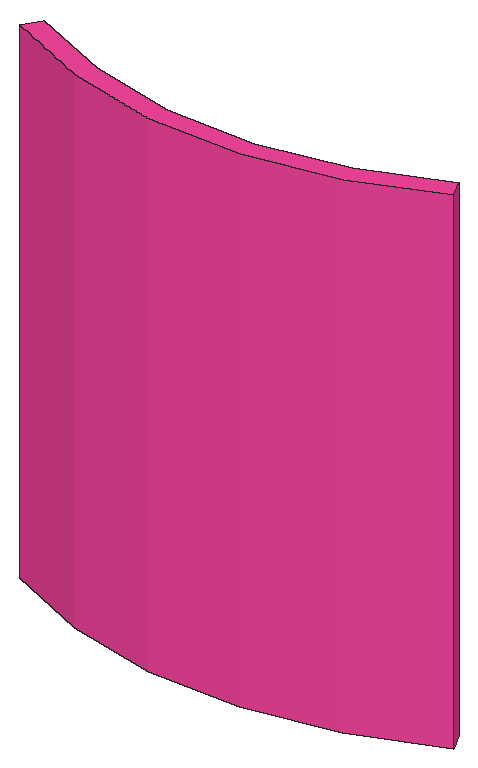
Revit family "EXP_WT-1C_CPan-006", category Curtain Panels, Revit 2021
Family settings
  OmniClass Number = 23.25.20.14.11.11.17
  OmniClass Title = Infill Panels
  Always vertical = Yes
  Cut with Voids When Loaded = Yes
  Shared = No
Parameters (values of type "R = 19'  0"")
  UI-UnitNumber [instance] = "001"
  UI-Quadrant [instance] = "SE"
  UI-ProjectAbbreviation = "NEU"
  UI-ItemCategory = "PID"
  UI-FloorNumber [instance] = "03"
  PNT-WallType = "WT1C"
  PNT-ProjectAbbreviation = "NEU"
  PNT-PanelType [instance] = "01"
  PNT-ItemCategory = "PNL"
  GlassH1 = MP-F(Glass)
  Description = "Curve"
  Define Thermal Properties by = Schematic Type
  CellSp = 0' - 10 3/16"
  CellRayIN [instance] = CellRayEX - CellSp  # 18' - 1 13/16"
  CellRayEX = 19' - 0"
  CellLArch [instance] = 18' - 3.12428"
  CellH1 [instance] = CellH  # 20' - 11"
  CellH [instance] = 20' - 11"
  Analytic Construction = "<None>"
Types (2): name
  R = 19'  0"
  R = 15'  5"
Reference planes (in)
  plane 1 "Center (Front/Back)": y = 0
  plane 2: z = 0
  plane 3 "Center (Left/Right)": x = 0
  plane 4 "Left": x = -105
  plane 5 "Right": x = 105
  plane 6 "Top": z = 251
Forms (in)
  Extrusion 1, solid, material "MP-F(Glass)" <- "GlassH1"
    sketch origin (0, 0, 0) x (1, 0, 0) y (0, 1, 0)
      loop
        line (-105, 0) -> (-109.91105, -8.92562)
        arc (-109.91105, -8.92562) -> (0, -37.16687) -> (109.91105, -8.92562) r 228
        line (109.91105, -8.92562) -> (105, 0)
        arc (105, 0) -> (0, -26.97937) -> (-105, 0) r 217.8125
    from 0 to 251
Lines and regions (in)
  reference lines
    curve 1: line (-105, 0, 0) -> (0, 190.83313, 0)
    curve 2: line (0, 190.83313, 0) -> (105, 0, 0)
    curve 3: line (-105, 0, 0) -> (-76.08755, -15.90818, 0)
    curve 4: line (105, 0, 0) -> (73.45914, -17.35438, 0)
Text (in)
  text "Exterior" at (-92.59733, 55.75508, 0), in view "Ref. Level"
  text "Exterior" at (0, 90.18664, 173.49264), in view "Left"
  text "Exterior" at (0, 52.29083, 162.21847), in view "Right"
Dimensions and locks (in)
  equal spacing: plane 4 "Left", plane 3 "Center (Left/Right)", plane 5 "Right"
  "CellH": plane 2 to plane 6 "Top"
  "CellRayIN": curve 2 to curve 2
  "CellRayIN": curve 1 to curve 1
  "CellRayEX": radius of Extrusion 1 sketch curve
  "CellRayIN": radius of Extrusion 1 sketch curve
  locked: curve 3 to curve 1 (angle 90.00°)
  locked: curve 2 to curve 4 (angle 90.00°)
  "CellLArch": arc length of Extrusion 1  (x2)
  aligned and locked: level to plane 2
  aligned and locked: Extrusion 1 sketch curve to curve 1
  aligned and locked: curve 2 to Extrusion 1 sketch curve
  aligned and locked: Extrusion 1 to plane 6 "Top"
Automatic sketch dimensions
  Extrusion 1 sketch curve to plane 4 "Left" = 0' - 0"
  Extrusion 1 sketch curve to plane 5 "Right" = 0' - 0"
  Extrusion 1 sketch curve to Extrusion 1 sketch curve = 0' - 0"  (x2)
  curve 3 to plane 1 "Center (Front/Back)" = 0' - 0"
  curve 3 to plane 4 "Left" = 0' - 0"
  curve 2 to plane 3 "Center (Left/Right)" = 0' - 0"
  plane 1 "Center (Front/Back)" to curve 4 = 0' - 0"
